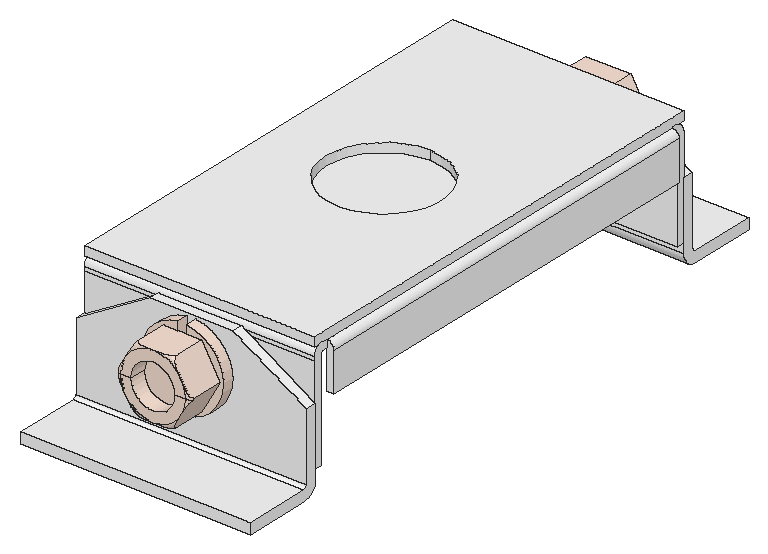
Revit family "勾配クンW", category 機械設備, Revit 2020
Family settings
  丸型コネクタ寸法 = 直径を使用
  種別 = なし
  パーツ タイプ = 標準
  作業面ベース = いいえ
  常に垂直 = はい
  ロード時にボイドで切り取り = いいえ
  共有 = いいえ
  部屋計算ポイント = いいえ
Parameters
  製造元 = "株式会社桐井製作所"
  既定の高さ = 0 mm
  URL = "https://www.kirii.co.jp/"
  K_角度 [instance] = 90.00°
  K_表面処理 = "JIS H 8610　電気亜鉛めっき1級以上　JIS H 8625 1級CM1A以上"
  K_材質 = "軟質鋼材 JIS G 3505同等以上"
  K_名称 = "勾配クンW"
  K_単位質量(kg/個) = 0.25
  K_バージョン情報 = "20230413"
Reference planes
  plane 1 "中心(正面/背面)": y = 0
  plane 2: z = 0
  plane 3 "中心(左/右)": x = 0
Forms (mm)
  Extrusion 1, void
    sketch origin (0, -14.992, 0) x (1, 0, 0) y (0, 0, 1)
      loop
        circle (0, 0) r 5
    from 35 to 37.3
  Extrusion 2, solid
    sketch origin (0, -17.492, 0) x (0, 1, 0) y (0, 0, 1)
      loop
        line (-34.8, 9.4) -> (-34.8, -14.9)
        arc (-34.8, -14.9) -> (-35.005, -15.395) -> (-35.5, -15.6) r 0.7
        line (-35.5, -15.6) -> (-50, -15.6) -> (-50, -17.9) -> (-35.5, -17.9)
        arc (-35.5, -17.9) -> (-33.379, -17.021) -> (-32.5, -14.9) r 3
        line (-32.5, -14.9) -> (-32.5, 9.4) -> (-34.8, 9.4)
    from -25 to 25
  Extrusion 3, solid
    sketch origin (0, 17.5, 0) x (0, -1, 0) y (0, 0, -1)
      loop
        line (-34.8, -9.4) -> (-32.5, -9.4) -> (-32.5, 14.9)
        arc (-32.5, 14.9) -> (-33.379, 17.021) -> (-35.5, 17.9) r 3
        line (-35.5, 17.9) -> (-50, 17.9) -> (-50, 15.6) -> (-35.5, 15.6)
        arc (-35.5, 15.6) -> (-35.005, 15.395) -> (-34.8, 14.9) r 0.7
        line (-34.8, 14.9) -> (-34.8, -9.4)
    from -25 to 25
  Extrusion 4, void
    sketch origin (0, 15.059, 0.107) x (1, 0, 0) y (0, 0, -1)
      loop
        circle (0, 0.107) r 5
    from 34.941 to 37.241
  Extrusion 5, void
    sketch origin (0, 0, 0) x (1, 0, 0) y (0, 0, 1)
      loop
        line (-25, -0.1) -> (-9, 9.4) -> (-25, 9.4) -> (-25, -0.1)
    from 49.992 to 52.292
  Extrusion 6, void
    sketch origin (0, 0, 0) x (-1, 0, 0) y (0, 0, -1)
      loop
        line (-25, 0.1) -> (-25, -9.4) -> (-9, -9.4) -> (-25, 0.1)
    from 49.992 to 52.292
  Extrusion 7, void
    sketch origin (0, 0.015, 0) x (1, 0, 0) y (0, 0, -1)
      loop
        line (-25, 0.1) -> (-25, -9.4) -> (-9, -9.4) -> (-25, 0.1)
    from 49.992 to 52.292
  Extrusion 8, void
    sketch origin (0, 0.015, 0) x (-1, 0, 0) y (0, 0, 1)
      loop
        line (-25, -0.1) -> (-9, 9.4) -> (-25, 9.4) -> (-25, -0.1)
    from 49.992 to 52.292
Cuts and joins
  Extrusion 1, Extrusion 5, Extrusion 6, Extrusion 7 cuts Extrusion 2
  Extrusion 4, Extrusion 7, Extrusion 8 cuts Extrusion 3
Dimensions and locks
  "K_角度": angle nested 1 to level
  aligned and locked: level to plane 2
Automatic sketch dimensions
  Extrusion 1 sketch curve to level = 0 mm
  Extrusion 1 sketch curve to plane 3 "中心(左/右)" = 0 mm
  Extrusion 2 sketch curve to Extrusion 2 sketch curve = 0 mm  (x2)
  Extrusion 2 sketch curve to level = 17.9 mm
  plane 1 "中心(正面/背面)" to Extrusion 2 sketch curve = 67.492 mm
  Extrusion 2 sketch curve to Extrusion 2 sketch curve = 14.5 mm
  Extrusion 2 sketch curve to Extrusion 2 sketch curve = 0.7 mm
  Extrusion 2 sketch curve to Extrusion 2 sketch curve = 2.3 mm
  level to Extrusion 2 sketch curve = 9.4 mm
  Extrusion 3 sketch curve to Extrusion 3 sketch curve = 0 mm  (x2)
  Extrusion 3 sketch curve to level = 17.9 mm
  Extrusion 3 sketch curve to plane 1 "中心(正面/背面)" = 67.5 mm
  Extrusion 3 sketch curve to Extrusion 3 sketch curve = 14.5 mm
  Extrusion 3 sketch curve to Extrusion 3 sketch curve = 0.7 mm
  Extrusion 3 sketch curve to Extrusion 3 sketch curve = 2.3 mm
  level to Extrusion 3 sketch curve = 9.4 mm
  Extrusion 4 sketch curve to level = 0 mm
  Extrusion 4 sketch curve to plane 3 "中心(左/右)" = 0 mm
  Extrusion 5 sketch curve to level = 0.1 mm
  Extrusion 5 sketch curve to plane 3 "中心(左/右)" = 25 mm
  Extrusion 5 sketch curve to plane 3 "中心(左/右)" = 9 mm
  level to Extrusion 5 sketch curve = 9.4 mm
  level to Extrusion 6 sketch curve = 0.1 mm
  Extrusion 6 sketch curve to plane 3 "中心(左/右)" = 25 mm
  Extrusion 6 sketch curve to plane 3 "中心(左/右)" = 9 mm
  Extrusion 6 sketch curve to level = 9.4 mm
  Extrusion 7 sketch curve to level = 0.1 mm
  Extrusion 7 sketch curve to plane 3 "中心(左/右)" = 25 mm
  Extrusion 7 sketch curve to plane 3 "中心(左/右)" = 9 mm
  level to Extrusion 7 sketch curve = 9.4 mm
  Extrusion 8 sketch curve to level = 0.1 mm
  plane 3 "中心(左/右)" to Extrusion 8 sketch curve = 25 mm
  plane 3 "中心(左/右)" to Extrusion 8 sketch curve = 9 mm
  level to Extrusion 8 sketch curve = 9.4 mm
  radius of Extrusion 1 sketch curve = 5 mm
  radius of Extrusion 4 sketch curve = 5 mm
Nested families
  nested 1: "勾配くん_クッションゴム付金具W" at (-0.1, 0.008, -0.1), type "勾配くん_クッションゴム付金具W"
    with K_角度 90.00°
  nested 2: "ナット" at (0, -54.692, 0) x (-1, 0, 0) z (0, -1, 0), type "ナット"
  nested 3: "3／8”スプリングワッシャー" at (0, -52.292, 0) x (0, 0, 1) z (0, -1, 0), type "3／8”スプリングワッシャー"
  nested 4: "3／8”スプリングワッシャー" at (0, 52.292, -0.024) x (0, 0, 1) z (0, 1, 0), type "3／8”スプリングワッシャー"
  nested 5: "六角ボルトL=125" at (0, 60.725, 0), type "六角ボルトL=125"
Definition of nested family "勾配くん_クッションゴム付金具W"
  Parameters (values of type "勾配くん_クッションゴム付金具W")
    Manufacturer = "株式会社桐井製作所"
    Default Elevation = 0 mm
    URL = "https://www.kirii.co.jp/"
    K_角度 [instance] = 90.00°
    K_名称 = "勾配くん_クッションゴム付金具W"
    K_バージョン情報 = "20230328"
  Reference planes
    plane 1 "中心(正面/背面)": y = 0
    plane 2: z = 0
    plane 3 "中心(左/右)": x = 0
  Forms (mm)
    Extrusion 1, solid
      sketch origin (0, 0, -17.8) x (0, 1, 0) y (0, 0, 1)
        loop
          line (-50, 26.8) -> (-50, 26) -> (-50, 5) -> (-48.4, 5) -> (-48.4, 26.2)
          arc (-48.4, 26.2) -> (-48.107, 26.907) -> (-47.4, 27.2) r 1
          line (-47.4, 27.2) -> (47.4, 27.2)
          arc (47.4, 27.2) -> (48.107, 26.907) -> (48.4, 26.2) r 1
          line (48.4, 26.2) -> (48.4, 5) -> (50, 5) -> (50, 26.8)
          arc (50, 26.8) -> (49.414, 28.214) -> (48, 28.8) r 2
          line (48, 28.8) -> (-48, 28.8)
          arc (-48, 28.8) -> (-49.414, 28.214) -> (-50, 26.8) r 2
      from -25 to 25
    Extrusion 2, void
      sketch origin (0, 0, -17.8) x (1, 0, 0) y (0, 0, 1)
        loop
          circle (0, 17.8) r 5
      from 48.4 to 50
    Extrusion 3, void
      sketch origin (0, 80.9, -17.8) x (1, 0, 0) y (0, 0, 1)
        loop
          circle (0, 17.8) r 5
      from 30.9 to 32.5
    Extrusion 4, solid
      sketch origin (0, 0, 0) x (1, 0, 0) y (0, 0, 1)
        loop
          arc (-25, 11) -> (-26.131, 10.531) -> (-26.6, 9.4) r 1.6
          line (-26.6, 9.4) -> (-26.6, 1) -> (-25, 1) -> (-25, 11)
      from -46.8 to 46.8
    Extrusion 5, solid
      sketch origin (0, 0, 0) x (-1, 0, 0) y (0, 0, -1)
        loop
          line (-25, -11) -> (-25, -1) -> (-26.6, -1) -> (-26.6, -9.4)
          arc (-26.6, -9.4) -> (-26.131, -10.531) -> (-25, -11) r 1.6
      from -46.8 to 46.8
  Cuts and joins
    Extrusion 2, Extrusion 3 cuts Extrusion 1
    joined: Extrusion 1, Extrusion 4, Extrusion 5
  Dimensions and locks
    aligned and locked: level to plane 2
  Nested families
    nested 1: "クッションゴムGTクイーン用" at (0, 0, 11) x (0, 1, 0) z (0, 0, 1), type "クッションゴムGTクイーン用"
  Definition of nested family "クッションゴムGTクイーン用"
    Parameters (values of type "クッションゴムGTクイーン用")
      Manufacturer = "株式会社桐井製作所"
      Default Elevation = 0 mm
      URL = "https://www.kirii.co.jp/"
      K_材質 = "天然ゴム"
      K_名称 = "クッションゴムGTクイーン用"
      K_単位質量(kg/個) = 0.013
      K_バージョン情報 = "20221212"
      K_JIS規格 = "JIS Ｋ 6386"
    Reference planes
      plane 1 "中心(正面/背面)": y = 0
      plane 2: z = 0
      plane 3 "中心(左/右)": x = 0
    Forms (mm)
      Extrusion 1, solid
        sketch origin (0, 0, -108.4) x (-1, 0, 0) y (0, 0, 1)
          loop
            line (50, 108.4) -> (50, 110.4) -> (-50, 110.4) -> (-50, 108.4) -> (50, 108.4)
        from -25 to 25
      Extrusion 2, void
        sketch origin (0, 0, 0) x (1, 0, 0) y (0, 1, 0)
          loop
            circle (0, 0) r 12.5
        from 0 to 2
    Cuts and joins
      Extrusion 2 cuts Extrusion 1
    Dimensions and locks
      aligned and locked: level to plane 2
Definition of nested family "ナット"
  Parameters (values of type "ナット")
    Default Elevation = 1219.2 mm
  Reference planes
    plane 1 "中心(正面/背面)": y = 0
    plane 2: z = 0
    plane 3 "中心(左/右)": x = 0
  Forms (mm)
    Extrusion 1, solid
      sketch origin (0, 0, 0) x (1, 0, 0) y (0, 1, 0)
        loop
          line (-55, 45) -> (-55, -45.273) -> (55.986, -45.273) -> (55.986, 45) -> (-55, 45)
      from 0 to -304.8
    Revolve 2, solid
      sketch origin (0, 0, 2.36) x (1, 0, 0) y (0, 0, 1)
        loop
          arc (8.083, 4.64) -> (7.781, 5.356) -> (7.057, 5.64) r 1
          line (7.057, 5.64) -> (4.765, 5.64) -> (4.765, -2.36) -> (8.083, -2.36) -> (8.083, 4.64)
        axis (0, 5.64) -> (0, -2.36)
      angle from 0 to 360
    Extrusion 3, void
      sketch origin (0, 0, 0) x (1, 0, 0) y (0, 1, 0)
        loop
          line (8.083, 0) -> (4.041, 7) -> (-4.041, 7) -> (-8.083, 0) -> (-4.041, -7) -> (4.041, -7) -> (8.083, 0)
        loop
          circle (0, 0) r 8.42
      from 0 to 8.277
  Cuts and joins
    Extrusion 3 cuts Revolve 2
  Dimensions and locks
    aligned and locked: plane 2 to Extrusion 1
    aligned and locked: level to Extrusion 1
Definition of nested family "3／8”スプリングワッシャー"
  Parameters (values of type "3／8”スプリングワッシャー")
    Manufacturer = "株式会社桐井製作所"
    Default Elevation = 0 mm
    URL = "https://www.kirii.co.jp/"
    K_表面処理 = "JIS H 8610 電気亜鉛めっき1級以上　JIS H 8625 1級CM1A以上"
    K_材質 = "軟鋼線材 JIS G 3505 同等以上"
    K_名称 = "3/8”スプリングワッシャー"
    K_単位質量(kg/個) = 0.005
    K_バージョン情報 = "20230413"
  Reference planes
    plane 1 "中心(正面/背面)": y = 0
    plane 2: z = 0
    plane 3 "中心(左/右)": x = 0
  Forms (mm)
    Extrusion 1, solid
      sketch origin (0, 0, 0) x (1, 0, 0) y (0, 1, 0)
        loop
          line (8.834, 1.08) -> (4.78, 1.08)
          arc (4.78, 1.08) -> (-4.899, -0.082) -> (4.813, -0.92) r 4.9
          line (4.813, -0.92) -> (8.852, -0.92)
          arc (8.852, -0.92) -> (-8.9, -0.08) -> (8.834, 1.08) r 8.9
      from 0 to 2.4
  Dimensions and locks
    aligned and locked: level to plane 2
Definition of nested family "六角ボルトL=125"
  Parameters (values of type "六角ボルトL=125")
    Manufacturer = "株式会社桐井製作所"
    Default Elevation = 0 mm
    URL = "https://www.kirii.co.jp/"
    K_名称 = "六角ボルト"
  Reference planes
    plane 1 "中心(正面/背面)": y = 0
    plane 2: z = 0
    plane 3 "中心(左/右)": x = 0
    plane 4 "正面": y = -6
  Forms (mm)
    Extrusion 1, solid
      sketch origin (0, 0, 0) x (1, 0, 0) y (0, 0, 1)
        loop
          circle (-0.011, -0.2) r 4.5
      from 6 to 120
    Extrusion 2, solid
      sketch origin (0, 0, 0) x (1, 0, 0) y (0, 0, 1)
        loop
          line (-4.892, 8.255) -> (-9.774, -0.2) -> (-4.892, -8.656) -> (4.871, -8.656) -> (9.752, -0.2) -> (4.871, 8.255) -> (-4.892, 8.255)
      from 0 to 6
  Cuts and joins
    joined: Extrusion 1, Extrusion 2
  Dimensions and locks
    aligned and locked: level to plane 2
